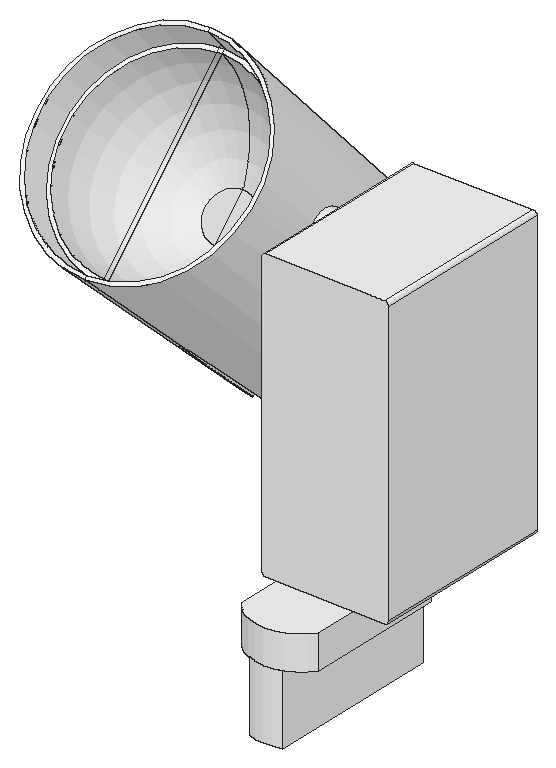
Revit family "0004824 Feilo Sylvania Lighting Fixture START TRACK SPOT S 14W 4K RA80 MB WHITE", category Lighting Fixtures, host Face, Revit 2017 (continued)
Definition of nested family "Start Track Spot Head"
  Types (96, lengths in mm): name | Wattage | built-in parameter 1150134 | Photometric Web File | Model | built-in parameter 1150105 | Lumens | built-in parameter 1150107 | built-in parameter 1150106 | HeadThickness_FEILO | HeadRibOffset_FEILO | HeadRibDepth_FEILO | HeadRibCutWidth_FEILO | HeadRibCutOffset_FEILO | HeadReflectorRadius_FEILO | HeadReflectorOffset_FEILO | HeadLEDRadius_FEILO | HeadHeight_FEILO | HeadDiffusorOffset_FEILO | HeadDiaOut_FEILO | HeadDiaIn_FEILO | HeadAxisFromTop_FEILO | Emit from Circle Diameter | built-in parameter 1150104 | Description | Apparent Load
    0004864 START TRACK SPOT S 24W 3K RA90 WB WHITE | 24 W | (empty or 0) | "0004864.ies" | "START TRACK SPOT S 24W 3K RA90 WB WHITE" | 152.79 (stored number, unit not read) | 1920 lm | 3000 (stored number, unit not read) | 1.5279 (stored number, unit not read) | 1.5 | 4.179 | 55.714 | 7.167 | 50.87 | 50.588 | 55.714 | 9.556 | 117 | 9.435 | 86 | 77.477 | 69.354 | 77.477 | 7.4322 (stored number, unit not read) | "Integrated LED spotlight, Textured White - RAL9016, compact and minimalist design, ideal for retail applications, die-cast aluminium body, passive cooling heatsink. Beam angle: 64°, color temperature: 3000K , total system power: 24W, total fixture output: 1928 lm, LOR: 100%, colour rendering: Ra: 90 typical, LED Chromaticity: 3 step MacAdam ellipse, lifetime: >50000 hours at L70B50, energy class: A++, A+, A, IR/UV free light source without heat radiation, operating voltage: 220-240V / 50-60Hz, drive current: 600mA, electronic driver, non-dimmable, power factor: 0.95, electrical protection: Class II, Global Track 3 Phase adapter suitable for Global trac 3-circuit tracks, ingress protection rating: IP20, suitable for internal environment only, horizontal rotation: 355°, vertical tilt: 90°, dimensions: Ø86x140x200, weight: 0.966kg." | 24 VA
    0004863 START TRACK SPOT S 24W 3K RA90 MB WHITE | 24 W | (empty or 0) | "0004863.ies" | "START TRACK SPOT S 24W 3K RA90 MB WHITE" | 154.7 (stored number, unit not read) | 1944 lm | 3000 (stored number, unit not read) | 1.547 (stored number, unit not read) | 1.5 | 4.179 | 55.714 | 7.167 | 50.87 | 50.588 | 55.714 | 9.556 | 117 | 9.435 | 86 | 77.477 | 69.354 | 77.477 | 7.5251 (stored number, unit not read) | "Integrated LED spotlight, Textured White - RAL9016, compact and minimalist design, ideal for retail applications, die-cast aluminium body, passive cooling heatsink. Beam angle: 36°, color temperature: 3000K , total system power: 24W, total fixture output: 1944 lm, LOR: 100%, colour rendering: Ra: 90 typical, LED Chromaticity: 3 step MacAdam ellipse, lifetime: >50000 hours at L70B50, energy class: A++, A+, A, IR/UV free light source without heat radiation, operating voltage: 220-240V / 50-60Hz, drive current: 600mA, electronic driver, non-dimmable, power factor: 0.95, electrical protection: Class II, Global Track 3 Phase adapter suitable for Global trac 3-circuit tracks, ingress protection rating: IP20, suitable for internal environment only, horizontal rotation: 355°, vertical tilt: 90°, dimensions: Ø86x140x200, weight: 0.966kg." | 24 VA
    0004862 START TRACK SPOT S 24W 3K RA90 NB WHITE | 24 W | (empty or 0) | "0004862.ies" | "START TRACK SPOT S 24W 3K RA90 NB WHITE" | 158.52 (stored number, unit not read) | 1992 lm | 3000 (stored number, unit not read) | 1.5852 (stored number, unit not read) | 1.5 | 4.179 | 55.714 | 7.167 | 50.87 | 50.588 | 55.714 | 9.556 | 117 | 9.435 | 86 | 77.477 | 69.354 | 77.477 | 7.711 (stored number, unit not read) | "Integrated LED spotlight, Textured White - RAL9016, compact and minimalist design, ideal for retail applications, die-cast aluminium body, passive cooling heatsink. Beam angle: 12°, color temperature: 3000K , total system power: 24W, total fixture output: 1987 lm, LOR: 100%, colour rendering: Ra: 90 typical, LED Chromaticity: 3 step MacAdam ellipse, lifetime: >50000 hours at L70B50, energy class: A++, A+, A, IR/UV free light source without heat radiation, operating voltage: 220-240V / 50-60Hz, drive current: 600mA, electronic driver, non-dimmable, power factor: 0.95, electrical protection: Class II, Global Track 3 Phase adapter suitable for Global trac 3-circuit tracks, ingress protection rating: IP20, suitable for internal environment only, horizontal rotation: 355°, vertical tilt: 90°, dimensions: Ø86x140x200, weight: 0.966kg." | 24 VA
    0004861 START TRACK SPOT S 14W 3K RA90 WB WHITE | 14 W | (empty or 0) | "0004861.ies" | "START TRACK SPOT S 14W 3K RA90 WB WHITE" | 100.27 (stored number, unit not read) | 1260 lm | 3000 (stored number, unit not read) | 1.0027 (stored number, unit not read) | 1.5 | 4.179 | 55.714 | 7.167 | 50.87 | 50.588 | 55.714 | 9.556 | 117 | 9.435 | 86 | 77.477 | 69.354 | 77.477 | 8.3613 (stored number, unit not read) | "Integrated LED spotlight, Textured White - RAL9016, compact and minimalist design, ideal for retail applications, die-cast aluminium body, passive cooling heatsink. Beam angle: 64°, color temperature: 3000K , total system power: 14W, total fixture output: 1262 lm, LOR: 100%, colour rendering: Ra: 90 typical, LED Chromaticity: 3 step MacAdam ellipse, lifetime: >50000 hours at L70B50, energy class: A++, A+, A, IR/UV free light source without heat radiation, operating voltage: 220-240V / 50-60Hz, drive current: 350mA, electronic driver, non-dimmable, power factor: 0.92, electrical protection: Class II, Global Track 3 Phase adapter suitable for Global trac 3-circuit tracks, ingress protection rating: IP20, suitable for internal environment only, horizontal rotation: 355°, vertical tilt: 90°, dimensions: Ø86x140x200, weight: 0.940kg." | 14 VA
    0004860 START TRACK SPOT S 14W 3K RA90 MB WHITE | 14 W | (empty or 0) | "0004860.ies" | "START TRACK SPOT S 14W 3K RA90 MB WHITE" | 100.27 (stored number, unit not read) | 1260 lm | 3000 (stored number, unit not read) | 1.0027 (stored number, unit not read) | 1.5 | 4.179 | 55.714 | 7.167 | 50.87 | 50.588 | 55.714 | 9.556 | 117 | 9.435 | 86 | 77.477 | 69.354 | 77.477 | 8.3613 (stored number, unit not read) | "Integrated LED spotlight, Textured White - RAL9016, compact and minimalist design, ideal for retail applications, die-cast aluminium body, passive cooling heatsink. Beam angle: 36°, color temperature: 3000K , total system power: 14W, total fixture output: 1262 lm, LOR: 100%, colour rendering: Ra: 90 typical, LED Chromaticity: 3 step MacAdam ellipse, lifetime: >50000 hours at L70B50, energy class: A++, A+, A, IR/UV free light source without heat radiation, operating voltage: 220-240V / 50-60Hz, drive current: 350mA, electronic driver, non-dimmable, power factor: 0.92, electrical protection: Class II, Global Track 3 Phase adapter suitable for Global trac 3-circuit tracks, ingress protection rating: IP20, suitable for internal environment only, horizontal rotation: 355°, vertical tilt: 90°, dimensions: Ø86x140x200, weight: 0.940kg." | 14 VA
    0004859 START TRACK SPOT S 14W 3K RA90 NB WHITE | 14 W | (empty or 0) | "0004859.ies" | "START TRACK SPOT S 14W 3K RA90 NB WHITE" | 102.5 (stored number, unit not read) | 1288 lm | 3000 (stored number, unit not read) | 1.025 (stored number, unit not read) | 1.5 | 4.179 | 55.714 | 7.167 | 50.87 | 50.588 | 55.714 | 9.556 | 117 | 9.435 | 86 | 77.477 | 69.354 | 77.477 | 8.5471 (stored number, unit not read) | "Integrated LED spotlight, Textured White - RAL9016, compact and minimalist design, ideal for retail applications, die-cast aluminium body, passive cooling heatsink. Beam angle: 12°, color temperature: 3000K , total system power: 14W, total fixture output: 1284 lm, LOR: 100%, colour rendering: Ra: 90 typical, LED Chromaticity: 3 step MacAdam ellipse, lifetime: >50000 hours at L70B50, energy class: A++, A+, A, IR/UV free light source without heat radiation, operating voltage: 220-240V / 50-60Hz, drive current: 350mA, electronic driver, non-dimmable, power factor: 0.92, electrical protection: Class II, Global Track 3 Phase adapter suitable for Global trac 3-circuit tracks, ingress protection rating: IP20, suitable for internal environment only, horizontal rotation: 355°, vertical tilt: 90°, dimensions: Ø86x140x200, weight: 0.940kg." | 14 VA
    0004858 START TRACK SPOT L 55W 4K RA80 WB BLACK | 55 W | 12 | "0004858.ies" | "START TRACK SPOT L 55W 4K RA80 WB BLACK" | 424.55 (stored number, unit not read) | 5335 lm | 4000 (stored number, unit not read) | 4.2455 (stored number, unit not read) | 2 | 4.429 | 59.048 | 9.417 | 53.913 | 66.471 | 59.048 | 12.556 | 124 | 10 | 113 | 101.802 | 73.503 | 101.802 | 9.0116 (stored number, unit not read) | "Integrated LED spotlight, Textured Black - RAL9005, compact and minimalist design, ideal for retail applications, die-cast aluminium body, passive cooling heatsink. Beam angle: 52°, color temperature: 4000K , total system power: 55W, total fixture output: 5320 lm, LOR: 100%, colour rendering: Ra: 80 typical, LED Chromaticity: 3 step MacAdam ellipse, lifetime: >50000 hours at L70B50, energy class: A++, A+, A, IR/UV free light source without heat radiation, operating voltage: 220-240V / 50-60Hz, drive current: 1400mA, electronic driver, non-dimmable, power factor: 0.96, electrical protection: Class II, Global Track 3 Phase adapter suitable for Global trac 3-circuit tracks, ingress protection rating: IP20, suitable for internal environment only, horizontal rotation: 355°, vertical tilt: 90°, dimensions: Ø113x164x240, weight: 1.398kg." | 55 VA
    0004857 START TRACK SPOT L 55W 4K RA80 MB BLACK | 55 W | 12 | "0004857.ies" | "START TRACK SPOT L 55W 4K RA80 MB BLACK" | 428.92 (stored number, unit not read) | 5390 lm | 4000 (stored number, unit not read) | 4.2892 (stored number, unit not read) | 2 | 4.429 | 59.048 | 9.417 | 53.913 | 66.471 | 59.048 | 12.556 | 124 | 10 | 113 | 101.802 | 73.503 | 101.802 | 9.1045 (stored number, unit not read) | "Integrated LED spotlight, Textured Black - RAL9005, compact and minimalist design, ideal for retail applications, die-cast aluminium body, passive cooling heatsink. Beam angle: 38°, color temperature: 4000K , total system power: 55W, total fixture output: 5378 lm, LOR: 100%, colour rendering: Ra: 80 typical, LED Chromaticity: 3 step MacAdam ellipse, lifetime: >50000 hours at L70B50, energy class: A++, A+, A, IR/UV free light source without heat radiation, operating voltage: 220-240V / 50-60Hz, drive current: 1400mA, electronic driver, non-dimmable, power factor: 0.96, electrical protection: Class II, Global Track 3 Phase adapter suitable for Global trac 3-circuit tracks, ingress protection rating: IP20, suitable for internal environment only, horizontal rotation: 355°, vertical tilt: 90°, dimensions: Ø113x164x240, weight: 1.398kg." | 55 VA
    0004856 START TRACK SPOT L 55W 4K RA80 NB BLACK | 55 W | 12 | "0004856.ies" | "START TRACK SPOT L 55W 4K RA80 NB BLACK" | 433.3 (stored number, unit not read) | 5445 lm | 4000 (stored number, unit not read) | 4.333 (stored number, unit not read) | 2 | 4.429 | 59.048 | 9.417 | 53.913 | 66.471 | 59.048 | 12.556 | 124 | 10 | 113 | 101.802 | 73.503 | 101.802 | 9.1974 (stored number, unit not read) | "Integrated LED spotlight, Textured Black - RAL9005, compact and minimalist design, ideal for retail applications, die-cast aluminium body, passive cooling heatsink. Beam angle: 15°, color temperature: 4000K , total system power: 55W, total fixture output: 5426 lm, LOR: 100%, colour rendering: Ra: 80 typical, LED Chromaticity: 3 step MacAdam ellipse, lifetime: >50000 hours at L70B50, energy class: A++, A+, A, IR/UV free light source without heat radiation, operating voltage: 220-240V / 50-60Hz, drive current: 1400mA, electronic driver, non-dimmable, power factor: 0.96, electrical protection: Class II, Global Track 3 Phase adapter suitable for Global trac 3-circuit tracks, ingress protection rating: IP20, suitable for internal environment only, horizontal rotation: 355°, vertical tilt: 90°, dimensions: Ø113x164x240, weight: 1.398kg." | 55 VA
    0004855 START TRACK SPOT L 35W 4K RA80 WB BLACK | 35 W | 12 | "0004855.ies" | "START TRACK SPOT L 35W 4K RA80 WB BLACK" | 320.3 (stored number, unit not read) | 4025 lm | 4000 (stored number, unit not read) | 3.203 (stored number, unit not read) | 2 | 4.429 | 59.048 | 9.417 | 53.913 | 66.471 | 59.048 | 12.556 | 124 | 10 | 113 | 101.802 | 73.503 | 101.802 | 10.684 (stored number, unit not read) | "Integrated LED spotlight, Textured Black - RAL9005, compact and minimalist design, ideal for retail applications, die-cast aluminium body, passive cooling heatsink. Beam angle: 52°, color temperature: 4000K , total system power: 35W, total fixture output: 4010 lm, LOR: 100%, colour rendering: Ra: 80 typical, LED Chromaticity: 3 step MacAdam ellipse, lifetime: >50000 hours at L70B50, energy class: A++, A+, A, IR/UV free light source without heat radiation, operating voltage: 220-240V / 50-60Hz, drive current: 900mA, electronic driver, non-dimmable, power factor: 0.93, electrical protection: Class II, Global Track 3 Phase adapter suitable for Global trac 3-circuit tracks, ingress protection rating: IP20, suitable for internal environment only, horizontal rotation: 355°, vertical tilt: 90°, dimensions: Ø113x164x240, weight: 1.368kg." | 35 VA
    0004854 START TRACK SPOT L 35W 4K RA80 MB BLACK | 35 W | 12 | "0004854.ies" | "START TRACK SPOT L 35W 4K RA80 MB BLACK" | 320.3 (stored number, unit not read) | 4025 lm | 4000 (stored number, unit not read) | 3.203 (stored number, unit not read) | 2 | 4.429 | 59.048 | 9.417 | 53.913 | 66.471 | 59.048 | 12.556 | 124 | 10 | 113 | 101.802 | 73.503 | 101.802 | 10.684 (stored number, unit not read) | "Integrated LED spotlight, Textured Black - RAL9005, compact and minimalist design, ideal for retail applications, die-cast aluminium body, passive cooling heatsink. Beam angle: 38°, color temperature: 4000K , total system power: 35W, total fixture output: 4017 lm, LOR: 100%, colour rendering: Ra: 80 typical, LED Chromaticity: 3 step MacAdam ellipse, lifetime: >50000 hours at L70B50, energy class: A++, A+, A, IR/UV free light source without heat radiation, operating voltage: 220-240V / 50-60Hz, drive current: 900mA, electronic driver, non-dimmable, power factor: 0.93, electrical protection: Class II, Global Track 3 Phase adapter suitable for Global trac 3-circuit tracks, ingress protection rating: IP20, suitable for internal environment only, horizontal rotation: 355°, vertical tilt: 90°, dimensions: Ø113x164x240, weight: 1.368kg." | 35 VA
    0004853 START TRACK SPOT L 35W 4K RA80 NB BLACK | 35 W | 12 | "0004853.ies" | "START TRACK SPOT L 35W 4K RA80 NB BLACK" | 331.44 (stored number, unit not read) | 4165 lm | 4000 (stored number, unit not read) | 3.3144 (stored number, unit not read) | 2 | 4.429 | 59.048 | 9.417 | 53.913 | 66.471 | 59.048 | 12.556 | 124 | 10 | 113 | 101.802 | 73.503 | 101.802 | 11.055 (stored number, unit not read) | "Integrated LED spotlight, Textured Black - RAL9005, compact and minimalist design, ideal for retail applications, die-cast aluminium body, passive cooling heatsink. Beam angle: 15°, color temperature: 4000K , total system power: 35W, total fixture output: 4174 lm, LOR: 100%, colour rendering: Ra: 80 typical, LED Chromaticity: 3 step MacAdam ellipse, lifetime: >50000 hours at L70B50, energy class: A++, A+, A, IR/UV free light source without heat radiation, operating voltage: 220-240V / 50-60Hz, drive current: 900mA, electronic driver, non-dimmable, power factor: 0.93, electrical protection: Class II, Global Track 3 Phase adapter suitable for Global trac 3-circuit tracks, ingress protection rating: IP20, suitable for internal environment only, horizontal rotation: 355°, vertical tilt: 90°, dimensions: Ø113x164x240, weight: 1.368kg." | 35 VA
    0004852 START TRACK SPOT S 24W 4K RA80 WB BLACK | 24 W | 12 | "0004852.ies" | "START TRACK SPOT S 24W 4K RA80 WB BLACK" | 196.72 (stored number, unit not read) | 2472 lm | 4000 (stored number, unit not read) | 1.9672 (stored number, unit not read) | 1.5 | 4.179 | 55.714 | 7.167 | 50.87 | 50.588 | 55.714 | 9.556 | 117 | 9.435 | 86 | 77.477 | 69.354 | 77.477 | 9.569 (stored number, unit not read) | "Integrated LED spotlight, Textured Black - RAL9005, compact and minimalist design, ideal for retail applications, die-cast aluminium body, passive cooling heatsink. Beam angle: 64°, color temperature: 4000K , total system power: 24W, total fixture output: 2476 lm, LOR: 100%, colour rendering: Ra: 80 typical, LED Chromaticity: 3 step MacAdam ellipse, lifetime: >50000 hours at L70B50, energy class: A++, A+, A, IR/UV free light source without heat radiation, operating voltage: 220-240V / 50-60Hz, drive current: 600mA, electronic driver, non-dimmable, power factor: 0.95, electrical protection: Class II, Global Track 3 Phase adapter suitable for Global trac 3-circuit tracks, ingress protection rating: IP20, suitable for internal environment only, horizontal rotation: 355°, vertical tilt: 90°, dimensions: Ø86x140x200, weight: 0.966kg." | 24 VA
    0004851 START TRACK SPOT S 24W 4K RA80 MB BLACK | 24 W | 12 | "0004851.ies" | "START TRACK SPOT S 24W 4K RA80 MB BLACK" | 198.63 (stored number, unit not read) | 2496 lm | 4000 (stored number, unit not read) | 1.9863 (stored number, unit not read) | 1.5 | 4.179 | 55.714 | 7.167 | 50.87 | 50.588 | 55.714 | 9.556 | 117 | 9.435 | 86 | 77.477 | 69.354 | 77.477 | 9.6619 (stored number, unit not read) | "Integrated LED spotlight, Textured Black - RAL9005, compact and minimalist design, ideal for retail applications, die-cast aluminium body, passive cooling heatsink. Beam angle: 36°, color temperature: 4000K , total system power: 24W, total fixture output: 2487 lm, LOR: 100%, colour rendering: Ra: 80 typical, LED Chromaticity: 3 step MacAdam ellipse, lifetime: >50000 hours at L70B50, energy class: A++, A+, A, IR/UV free light source without heat radiation, operating voltage: 220-240V / 50-60Hz, drive current: 600mA, electronic driver, non-dimmable, power factor: 0.95, electrical protection: Class II, Global Track 3 Phase adapter suitable for Global trac 3-circuit tracks, ingress protection rating: IP20, suitable for internal environment only, horizontal rotation: 355°, vertical tilt: 90°, dimensions: Ø86x140x200, weight: 0.966kg." | 24 VA
    0004850 START TRACK SPOT S 24W 4K RA80 NB BLACK | 24 W | 12 | "0004850.ies" | "START TRACK SPOT S 24W 4K RA80 NB BLACK" | 200.54 (stored number, unit not read) | 2520 lm | 4000 (stored number, unit not read) | 2.0054 (stored number, unit not read) | 1.5 | 4.179 | 55.714 | 7.167 | 50.87 | 50.588 | 55.714 | 9.556 | 117 | 9.435 | 86 | 77.477 | 69.354 | 77.477 | 9.7548 (stored number, unit not read) | "Integrated LED spotlight, Textured Black - RAL9005, compact and minimalist design, ideal for retail applications, die-cast aluminium body, passive cooling heatsink. Beam angle: 12°, color temperature: 4000K , total system power: 24W, total fixture output: 2529 lm, LOR: 100%, colour rendering: Ra: 80 typical, LED Chromaticity: 3 step MacAdam ellipse, lifetime: >50000 hours at L70B50, energy class: A++, A+, A, IR/UV free light source without heat radiation, operating voltage: 220-240V / 50-60Hz, drive current: 600mA, electronic driver, non-dimmable, power factor: 0.95, electrical protection: Class II, Global Track 3 Phase adapter suitable for Global trac 3-circuit tracks, ingress protection rating: IP20, suitable for internal environment only, horizontal rotation: 355°, vertical tilt: 90°, dimensions: Ø86x140x200, weight: 0.966kg." | 24 VA
    0004849 START TRACK SPOT S 14W 4K RA80 WB BLACK | 14 W | 12 | "0004849.ies" | "START TRACK SPOT S 14W 4K RA80 WB BLACK" | 123.66 (stored number, unit not read) | 1554 lm | 4000 (stored number, unit not read) | 1.2366 (stored number, unit not read) | 1.5 | 4.179 | 55.714 | 7.167 | 50.87 | 50.588 | 55.714 | 9.556 | 117 | 9.435 | 86 | 77.477 | 69.354 | 77.477 | 10.312 (stored number, unit not read) | "Integrated LED spotlight, Textured Black - RAL9005, compact and minimalist design, ideal for retail applications, die-cast aluminium body, passive cooling heatsink. Beam angle: 64°, color temperature: 4000K , total system power: 14W, total fixture output: 1558 lm, LOR: 100%, colour rendering: Ra: 80 typical, LED Chromaticity: 3 step MacAdam ellipse, lifetime: >50000 hours at L70B50, energy class: A++, A+, A, IR/UV free light source without heat radiation, operating voltage: 220-240V / 50-60Hz, drive current: 350mA, electronic driver, non-dimmable, power factor: 0.92, electrical protection: Class II, Global Track 3 Phase adapter suitable for Global trac 3-circuit tracks, ingress protection rating: IP20, suitable for internal environment only, horizontal rotation: 355°, vertical tilt: 90°, dimensions: Ø86x140x200, weight: 0.940kg." | 14 VA
    0004848 START TRACK SPOT S 14W 4K RA80 MB BLACK | 14 W | 12 | "0004848.ies" | "START TRACK SPOT S 14W 4K RA80 MB BLACK" | 127.01 (stored number, unit not read) | 1596 lm | 4000 (stored number, unit not read) | 1.2701 (stored number, unit not read) | 1.5 | 4.179 | 55.714 | 7.167 | 50.87 | 50.588 | 55.714 | 9.556 | 117 | 9.435 | 86 | 77.477 | 69.354 | 77.477 | 10.591 (stored number, unit not read) | "Integrated LED spotlight, Textured Black - RAL9005, compact and minimalist design, ideal for retail applications, die-cast aluminium body, passive cooling heatsink. Beam angle: 36°, color temperature: 4000K , total system power: 14W, total fixture output: 1598 lm, LOR: 100%, colour rendering: Ra: 80 typical, LED Chromaticity: 3 step MacAdam ellipse, lifetime: >50000 hours at L70B50, energy class: A++, A+, A, IR/UV free light source without heat radiation, operating voltage: 220-240V / 50-60Hz, drive current: 350mA, electronic driver, non-dimmable, power factor: 0.92, electrical protection: Class II, Global Track 3 Phase adapter suitable for Global trac 3-circuit tracks, ingress protection rating: IP20, suitable for internal environment only, horizontal rotation: 355°, vertical tilt: 90°, dimensions: Ø86x140x200, weight: 0.940kg." | 14 VA
    0004847 START TRACK SPOT S 14W 4K RA80 NB BLACK | 14 W | 12 | "0004847.ies" | "START TRACK SPOT S 14W 4K RA80 NB BLACK" | 128.12 (stored number, unit not read) | 1610 lm | 4000 (stored number, unit not read) | 1.2812 (stored number, unit not read) | 1.5 | 4.179 | 55.714 | 7.167 | 50.87 | 50.588 | 55.714 | 9.556 | 117 | 9.435 | 86 | 77.477 | 69.354 | 77.477 | 10.684 (stored number, unit not read) | "Integrated LED spotlight, Textured Black - RAL9005, compact and minimalist design, ideal for retail applications, die-cast aluminium body, passive cooling heatsink. Beam angle: 12°, color temperature: 4000K , total system power: 14W, total fixture output: 1608 lm, LOR: 100%, colour rendering: Ra: 80 typical, LED Chromaticity: 3 step MacAdam ellipse, lifetime: >50000 hours at L70B50, energy class: A++, A+, A, IR/UV free light source without heat radiation, operating voltage: 220-240V / 50-60Hz, drive current: 350mA, electronic driver, non-dimmable, power factor: 0.92, electrical protection: Class II, Global Track 3 Phase adapter suitable for Global trac 3-circuit tracks, ingress protection rating: IP20, suitable for internal environment only, horizontal rotation: 355°, vertical tilt: 90°, dimensions: Ø86x140x200, weight: 0.940kg." | 14 VA
    0004846 START TRACK SPOT L 55W 3K RA80 WB BLACK | 55 W | (empty or 0) | "0004846.ies" | "START TRACK SPOT L 55W 3K RA80 WB BLACK" | 420.17 (stored number, unit not read) | 5280 lm | 3000 (stored number, unit not read) | 4.2017 (stored number, unit not read) | 2 | 4.429 | 59.048 | 9.417 | 53.913 | 66.471 | 59.048 | 12.556 | 124 | 10 | 113 | 101.802 | 73.503 | 101.802 | 8.9187 (stored number, unit not read) | "Integrated LED spotlight, Textured Black - RAL9005, compact and minimalist design, ideal for retail applications, die-cast aluminium body, passive cooling heatsink. Beam angle: 52°, color temperature: 3000K , total system power: 55W, total fixture output: 5298 lm, LOR: 100%, colour rendering: Ra: 80 typical, LED Chromaticity: 3 step MacAdam ellipse, lifetime: >50000 hours at L70B50, energy class: A++, A+, A, IR/UV free light source without heat radiation, operating voltage: 220-240V / 50-60Hz, drive current: 1400mA, electronic driver, non-dimmable, power factor: 0.96, electrical protection: Class II, Global Track 3 Phase adapter suitable for Global trac 3-circuit tracks, ingress protection rating: IP20, suitable for internal environment only, horizontal rotation: 355°, vertical tilt: 90°, dimensions: Ø113x164x240, weight: 1.398kg." | 55 VA
    0004845 START TRACK SPOT L 55W 3K RA80 MB BLACK | 55 W | (empty or 0) | "0004845.ies" | "START TRACK SPOT L 55W 3K RA80 MB BLACK" | 428.92 (stored number, unit not read) | 5390 lm | 3000 (stored number, unit not read) | 4.2892 (stored number, unit not read) | 2 | 4.429 | 59.048 | 9.417 | 53.913 | 66.471 | 59.048 | 12.556 | 124 | 10 | 113 | 101.802 | 73.503 | 101.802 | 9.1045 (stored number, unit not read) | "Integrated LED spotlight, Textured Black - RAL9005, compact and minimalist design, ideal for retail applications, die-cast aluminium body, passive cooling heatsink. Beam angle: 38°, color temperature: 3000K , total system power: 55W, total fixture output: 5381 lm, LOR: 100%, colour rendering: Ra: 80 typical, LED Chromaticity: 3 step MacAdam ellipse, lifetime: >50000 hours at L70B50, energy class: A++, A+, A, IR/UV free light source without heat radiation, operating voltage: 220-240V / 50-60Hz, drive current: 1400mA, electronic driver, non-dimmable, power factor: 0.96, electrical protection: Class II, Global Track 3 Phase adapter suitable for Global trac 3-circuit tracks, ingress protection rating: IP20, suitable for internal environment only, horizontal rotation: 355°, vertical tilt: 90°, dimensions: Ø113x164x240, weight: 1.398kg." | 55 VA
    0004844 START TRACK SPOT L 55W 3K RA80 NB BLACK | 55 W | (empty or 0) | "0004844.ies" | "START TRACK SPOT L 55W 3K RA80 NB BLACK" | 433.3 (stored number, unit not read) | 5445 lm | 3000 (stored number, unit not read) | 4.333 (stored number, unit not read) | 2 | 4.429 | 59.048 | 9.417 | 53.913 | 66.471 | 59.048 | 12.556 | 124 | 10 | 113 | 101.802 | 73.503 | 101.802 | 9.1974 (stored number, unit not read) | "Integrated LED spotlight, Textured Black - RAL9005, compact and minimalist design, ideal for retail applications, die-cast aluminium body, passive cooling heatsink. Beam angle: 15°, color temperature: 3000K , total system power: 55W, total fixture output: 5449 lm, LOR: 100%, colour rendering: Ra: 80 typical, LED Chromaticity: 3 step MacAdam ellipse, lifetime: >50000 hours at L70B50, energy class: A++, A+, A, IR/UV free light source without heat radiation, operating voltage: 220-240V / 50-60Hz, drive current: 1400mA, electronic driver, non-dimmable, power factor: 0.96, electrical protection: Class II, Global Track 3 Phase adapter suitable for Global trac 3-circuit tracks, ingress protection rating: IP20, suitable for internal environment only, horizontal rotation: 355°, vertical tilt: 90°, dimensions: Ø113x164x240, weight: 1.398kg." | 55 VA
    0004843 START TRACK SPOT L 35W 3K RA80 WB BLACK | 35 W | (empty or 0) | "0004843.ies" | "START TRACK SPOT L 35W 3K RA80 WB BLACK" | 314.73 (stored number, unit not read) | 3955 lm | 3000 (stored number, unit not read) | 3.1473 (stored number, unit not read) | 2 | 4.429 | 59.048 | 9.417 | 53.913 | 66.471 | 59.048 | 12.556 | 124 | 10 | 113 | 101.802 | 73.503 | 101.802 | 10.498 (stored number, unit not read) | "Integrated LED spotlight, Textured Black - RAL9005, compact and minimalist design, ideal for retail applications, die-cast aluminium body, passive cooling heatsink. Beam angle: 52°, color temperature: 3000K , total system power: 35W, total fixture output: 3943 lm, LOR: 100%, colour rendering: Ra: 80 typical, LED Chromaticity: 3 step MacAdam ellipse, lifetime: >50000 hours at L70B50, energy class: A++, A+, A, IR/UV free light source without heat radiation, operating voltage: 220-240V / 50-60Hz, drive current: 900mA, electronic driver, non-dimmable, power factor: 0.93, electrical protection: Class II, Global Track 3 Phase adapter suitable for Global trac 3-circuit tracks, ingress protection rating: IP20, suitable for internal environment only, horizontal rotation: 355°, vertical tilt: 90°, dimensions: Ø113x164x240, weight: 1.368kg." | 35 VA
    0004842 START TRACK SPOT L 35W 3K RA80 MB BLACK | 35 W | (empty or 0) | "0004842.ies" | "START TRACK SPOT L 35W 3K RA80 MB BLACK" | 320.3 (stored number, unit not read) | 4025 lm | 3000 (stored number, unit not read) | 3.203 (stored number, unit not read) | 2 | 4.429 | 59.048 | 9.417 | 53.913 | 66.471 | 59.048 | 12.556 | 124 | 10 | 113 | 101.802 | 73.503 | 101.802 | 10.684 (stored number, unit not read) | "Integrated LED spotlight, Textured Black - RAL9005, compact and minimalist design, ideal for retail applications, die-cast aluminium body, passive cooling heatsink. Beam angle: 38°, color temperature: 3000K , total system power: 35W, total fixture output: 4008 lm, LOR: 100%, colour rendering: Ra: 80 typical, LED Chromaticity: 3 step MacAdam ellipse, lifetime: >50000 hours at L70B50, energy class: A++, A+, A, IR/UV free light source without heat radiation, operating voltage: 220-240V / 50-60Hz, drive current: 900mA, electronic driver, non-dimmable, power factor: 0.93, electrical protection: Class II, Global Track 3 Phase adapter suitable for Global trac 3-circuit tracks, ingress protection rating: IP20, suitable for internal environment only, horizontal rotation: 355°, vertical tilt: 90°, dimensions: Ø113x164x240, weight: 1.368kg." | 35 VA
    0004841 START TRACK SPOT L 35W 3K RA80 NB BLACK | 35 W | (empty or 0) | "0004841.ies" | "START TRACK SPOT L 35W 3K RA80 NB BLACK" | 317.51 (stored number, unit not read) | 3990 lm | 3000 (stored number, unit not read) | 3.1751 (stored number, unit not read) | 2 | 4.429 | 59.048 | 9.417 | 53.913 | 66.471 | 59.048 | 12.556 | 124 | 10 | 113 | 101.802 | 73.503 | 101.802 | 10.591 (stored number, unit not read) | "Integrated LED spotlight, Textured Black - RAL9005, compact and minimalist design, ideal for retail applications, die-cast aluminium body, passive cooling heatsink. Beam angle: 15°, color temperature: 3000K , total system power: 35W, total fixture output: 4005 lm, LOR: 100%, colour rendering: Ra: 80 typical, LED Chromaticity: 3 step MacAdam ellipse, lifetime: >50000 hours at L70B50, energy class: A++, A+, A, IR/UV free light source without heat radiation, operating voltage: 220-240V / 50-60Hz, drive current: 900mA, electronic driver, non-dimmable, power factor: 0.93, electrical protection: Class II, Global Track 3 Phase adapter suitable for Global trac 3-circuit tracks, ingress protection rating: IP20, suitable for internal environment only, horizontal rotation: 355°, vertical tilt: 90°, dimensions: Ø113x164x240, weight: 1.368kg." | 35 VA
    0004840 START TRACK SPOT S 24W 3K RA80 WB BLACK | 24 W | (empty or 0) | "0004840.ies" | "START TRACK SPOT S 24W 3K RA80 WB BLACK" | 185.26 (stored number, unit not read) | 2328 lm | 3000 (stored number, unit not read) | 1.8526 (stored number, unit not read) | 1.5 | 4.179 | 55.714 | 7.167 | 50.87 | 50.588 | 55.714 | 9.556 | 117 | 9.435 | 86 | 77.477 | 69.354 | 77.477 | 9.0116 (stored number, unit not read) | "Integrated LED spotlight, Textured Black - RAL9005, compact and minimalist design, ideal for retail applications, die-cast aluminium body, passive cooling heatsink. Beam angle: 64°, color temperature: 3000K , total system power: 24W, total fixture output: 2318 lm, LOR: 100%, colour rendering: Ra: 80 typical, LED Chromaticity: 3 step MacAdam ellipse, lifetime: >50000 hours at L70B50, energy class: A++, A+, A, IR/UV free light source without heat radiation, operating voltage: 220-240V / 50-60Hz, drive current: 600mA, electronic driver, non-dimmable, power factor: 0.95, electrical protection: Class II, Global Track 3 Phase adapter suitable for Global trac 3-circuit tracks, ingress protection rating: IP20, suitable for internal environment only, horizontal rotation: 355°, vertical tilt: 90°, dimensions: Ø86x140x200, weight: 0.966kg." | 24 VA
    0004839 START TRACK SPOT S 24W 3K RA80 MB BLACK | 24 W | (empty or 0) | "0004839.ies" | "START TRACK SPOT S 24W 3K RA80 MB BLACK" | 183.35 (stored number, unit not read) | 2304 lm | 3000 (stored number, unit not read) | 1.8335 (stored number, unit not read) | 1.5 | 4.179 | 55.714 | 7.167 | 50.87 | 50.588 | 55.714 | 9.556 | 117 | 9.435 | 86 | 77.477 | 69.354 | 77.477 | 8.9187 (stored number, unit not read) | "Integrated LED spotlight, Textured Black - RAL9005, compact and minimalist design, ideal for retail applications, die-cast aluminium body, passive cooling heatsink. Beam angle: 36°, color temperature: 3000K , total system power: 24W, total fixture output: 2314 lm, LOR: 100%, colour rendering: Ra: 80 typical, LED Chromaticity: 3 step MacAdam ellipse, lifetime: >50000 hours at L70B50, energy class: A++, A+, A, IR/UV free light source without heat radiation, operating voltage: 220-240V / 50-60Hz, drive current: 600mA, electronic driver, non-dimmable, power factor: 0.95, electrical protection: Class II, Global Track 3 Phase adapter suitable for Global trac 3-circuit tracks, ingress protection rating: IP20, suitable for internal environment only, horizontal rotation: 355°, vertical tilt: 90°, dimensions: Ø86x140x200, weight: 0.966kg." | 24 VA
    0004838 START TRACK SPOT S 24W 3K RA80 NB BLACK | 24 W | (empty or 0) | "0004838.ies" | "START TRACK SPOT S 24W 3K RA80 NB BLACK" | 185.26 (stored number, unit not read) | 2328 lm | 3000 (stored number, unit not read) | 1.8526 (stored number, unit not read) | 1.5 | 4.179 | 55.714 | 7.167 | 50.87 | 50.588 | 55.714 | 9.556 | 117 | 9.435 | 86 | 77.477 | 69.354 | 77.477 | 9.0116 (stored number, unit not read) | "Integrated LED spotlight, Textured Black - RAL9005, compact and minimalist design, ideal for retail applications, die-cast aluminium body, passive cooling heatsink. Beam angle: 12°, color temperature: 3000K , total system power: 24W, total fixture output: 2334 lm, LOR: 100%, colour rendering: Ra: 80 typical, LED Chromaticity: 3 step MacAdam ellipse, lifetime: >50000 hours at L70B50, energy class: A++, A+, A, IR/UV free light source without heat radiation, operating voltage: 220-240V / 50-60Hz, drive current: 600mA, electronic driver, non-dimmable, power factor: 0.95, electrical protection: Class II, Global Track 3 Phase adapter suitable for Global trac 3-circuit tracks, ingress protection rating: IP20, suitable for internal environment only, horizontal rotation: 355°, vertical tilt: 90°, dimensions: Ø86x140x200, weight: 0.966kg." | 24 VA
    0004837 START TRACK SPOT S 14W 3K RA80 WB BLACK | 14 W | (empty or 0) | "0004837.ies" | "START TRACK SPOT S 14W 3K RA80 WB BLACK" | 119.21 (stored number, unit not read) | 1498 lm | 3000 (stored number, unit not read) | 1.1921 (stored number, unit not read) | 1.5 | 4.179 | 55.714 | 7.167 | 50.87 | 50.588 | 55.714 | 9.556 | 117 | 9.435 | 86 | 77.477 | 69.354 | 77.477 | 9.9406 (stored number, unit not read) | "Integrated LED spotlight, Textured Black - RAL9005, compact and minimalist design, ideal for retail applications, die-cast aluminium body, passive cooling heatsink. Beam angle: 64°, color temperature: 3000K , total system power: 14W, total fixture output: 1498 lm, LOR: 100%, colour rendering: Ra: 80 typical, LED Chromaticity: 3 step MacAdam ellipse, lifetime: >50000 hours at L70B50, energy class: A++, A+, A, IR/UV free light source without heat radiation, operating voltage: 220-240V / 50-60Hz, drive current: 350mA, electronic driver, non-dimmable, power factor: 0.92, electrical protection: Class II, Global Track 3 Phase adapter suitable for Global trac 3-circuit tracks, ingress protection rating: IP20, suitable for internal environment only, horizontal rotation: 355°, vertical tilt: 90°, dimensions: Ø86x140x200, weight: 0.940kg." | 14 VA
    0004836 START TRACK SPOT S 14W 3K RA80 MB BLACK | 14 W | (empty or 0) | "0004836.ies" | "START TRACK SPOT S 14W 3K RA80 MB BLACK" | 120.32 (stored number, unit not read) | 1512 lm | 3000 (stored number, unit not read) | 1.2032 (stored number, unit not read) | 1.5 | 4.179 | 55.714 | 7.167 | 50.87 | 50.588 | 55.714 | 9.556 | 117 | 9.435 | 86 | 77.477 | 69.354 | 77.477 | 10.034 (stored number, unit not read) | "Integrated LED spotlight, Textured Black - RAL9005, compact and minimalist design, ideal for retail applications, die-cast aluminium body, passive cooling heatsink. Beam angle: 36°, color temperature: 3000K , total system power: 14W, total fixture output: 1508 lm, LOR: 100%, colour rendering: Ra: 80 typical, LED Chromaticity: 3 step MacAdam ellipse, lifetime: >50000 hours at L70B50, energy class: A++, A+, A, IR/UV free light source without heat radiation, operating voltage: 220-240V / 50-60Hz, drive current: 350mA, electronic driver, non-dimmable, power factor: 0.92, electrical protection: Class II, Global Track 3 Phase adapter suitable for Global trac 3-circuit tracks, ingress protection rating: IP20, suitable for internal environment only, horizontal rotation: 355°, vertical tilt: 90°, dimensions: Ø86x140x200, weight: 0.940kg." | 14 VA
    0004835 START TRACK SPOT S 14W 3K RA80 NB BLACK | 14 W | (empty or 0) | "0004835.ies" | "START TRACK SPOT S 14W 3K RA80 NB BLACK" | 123.66 (stored number, unit not read) | 1554 lm | 3000 (stored number, unit not read) | 1.2366 (stored number, unit not read) | 1.5 | 4.179 | 55.714 | 7.167 | 50.87 | 50.588 | 55.714 | 9.556 | 117 | 9.435 | 86 | 77.477 | 69.354 | 77.477 | 10.312 (stored number, unit not read) | "Integrated LED spotlight, Textured Black - RAL9005, compact and minimalist design, ideal for retail applications, die-cast aluminium body, passive cooling heatsink. Beam angle: 12°, color temperature: 3000K , total system power: 14W, total fixture output: 1551 lm, LOR: 100%, colour rendering: Ra: 80 typical, LED Chromaticity: 3 step MacAdam ellipse, lifetime: >50000 hours at L70B50, energy class: A++, A+, A, IR/UV free light source without heat radiation, operating voltage: 220-240V / 50-60Hz, drive current: 350mA, electronic driver, non-dimmable, power factor: 0.92, electrical protection: Class II, Global Track 3 Phase adapter suitable for Global trac 3-circuit tracks, ingress protection rating: IP20, suitable for internal environment only, horizontal rotation: 355°, vertical tilt: 90°, dimensions: Ø86x140x200, weight: 0.940kg." | 14 VA
    0004834 START TRACK SPOT L 55W 4K RA80 WB WHITE | 55 W | 12 | "0004834.ies" | "START TRACK SPOT L 55W 4K RA80 WB WHITE" | 424.55 (stored number, unit not read) | 5335 lm | 4000 (stored number, unit not read) | 4.2455 (stored number, unit not read) | 2 | 4.429 | 59.048 | 9.417 | 53.913 | 66.471 | 59.048 | 12.556 | 124 | 10 | 113 | 101.802 | 73.503 | 101.802 | 9.0116 (stored number, unit not read) | "Integrated LED spotlight, Textured White - RAL9016, compact and minimalist design, ideal for retail applications, die-cast aluminium body, passive cooling heatsink. Beam angle: 52°, color temperature: 4000K , total system power: 55W, total fixture output: 5320 lm, LOR: 100%, colour rendering: Ra: 80 typical, LED Chromaticity: 3 step MacAdam ellipse, lifetime: >50000 hours at L70B50, energy class: A++, A+, A, IR/UV free light source without heat radiation, operating voltage: 220-240V / 50-60Hz, drive current: 1400mA, electronic driver, non-dimmable, power factor: 0.96, electrical protection: Class II, Global Track 3 Phase adapter suitable for Global trac 3-circuit tracks, ingress protection rating: IP20, suitable for internal environment only, horizontal rotation: 355°, vertical tilt: 90°, dimensions: Ø113x164x240, weight: 1.398kg." | 55 VA
    0004833 START TRACK SPOT L 55W 4K RA80 MB WHITE | 55 W | 12 | "0004833.ies" | "START TRACK SPOT L 55W 4K RA80 MB WHITE" | 428.92 (stored number, unit not read) | 5390 lm | 4000 (stored number, unit not read) | 4.2892 (stored number, unit not read) | 2 | 4.429 | 59.048 | 9.417 | 53.913 | 66.471 | 59.048 | 12.556 | 124 | 10 | 113 | 101.802 | 73.503 | 101.802 | 9.1045 (stored number, unit not read) | "Integrated LED spotlight, Textured White - RAL9016, compact and minimalist design, ideal for retail applications, die-cast aluminium body, passive cooling heatsink. Beam angle: 38°, color temperature: 4000K , total system power: 55W, total fixture output: 5378 lm, LOR: 100%, colour rendering: Ra: 80 typical, LED Chromaticity: 3 step MacAdam ellipse, lifetime: >50000 hours at L70B50, energy class: A++, A+, A, IR/UV free light source without heat radiation, operating voltage: 220-240V / 50-60Hz, drive current: 1400mA, electronic driver, non-dimmable, power factor: 0.96, electrical protection: Class II, Global Track 3 Phase adapter suitable for Global trac 3-circuit tracks, ingress protection rating: IP20, suitable for internal environment only, horizontal rotation: 355°, vertical tilt: 90°, dimensions: Ø113x164x240, weight: 1.398kg." | 55 VA
    0004832 START TRACK SPOT L 55W 4K RA80 NB WHITE | 55 W | 12 | "0004832.ies" | "START TRACK SPOT L 55W 4K RA80 NB WHITE" | 433.3 (stored number, unit not read) | 5445 lm | 4000 (stored number, unit not read) | 4.333 (stored number, unit not read) | 2 | 4.429 | 59.048 | 9.417 | 53.913 | 66.471 | 59.048 | 12.556 | 124 | 10 | 113 | 101.802 | 73.503 | 101.802 | 9.1974 (stored number, unit not read) | "Integrated LED spotlight, Textured White - RAL9016, compact and minimalist design, ideal for retail applications, die-cast aluminium body, passive cooling heatsink. Beam angle: 15°, color temperature: 4000K , total system power: 55W, total fixture output: 5426 lm, LOR: 100%, colour rendering: Ra: 80 typical, LED Chromaticity: 3 step MacAdam ellipse, lifetime: >50000 hours at L70B50, energy class: A++, A+, A, IR/UV free light source without heat radiation, operating voltage: 220-240V / 50-60Hz, drive current: 1400mA, electronic driver, non-dimmable, power factor: 0.96, electrical protection: Class II, Global Track 3 Phase adapter suitable for Global trac 3-circuit tracks, ingress protection rating: IP20, suitable for internal environment only, horizontal rotation: 355°, vertical tilt: 90°, dimensions: Ø113x164x240, weight: 1.398kg." | 55 VA
    0004831 START TRACK SPOT L 35W 4K RA80 WB WHITE | 35 W | 12 | "0004831.ies" | "START TRACK SPOT L 35W 4K RA80 WB WHITE" | 320.3 (stored number, unit not read) | 4025 lm | 4000 (stored number, unit not read) | 3.203 (stored number, unit not read) | 2 | 4.429 | 59.048 | 9.417 | 53.913 | 66.471 | 59.048 | 12.556 | 124 | 10 | 113 | 101.802 | 73.503 | 101.802 | 10.684 (stored number, unit not read) | "Integrated LED spotlight, Textured White - RAL9016, compact and minimalist design, ideal for retail applications, die-cast aluminium body, passive cooling heatsink. Beam angle: 52°, color temperature: 4000K , total system power: 35W, total fixture output: 4010 lm, LOR: 100%, colour rendering: Ra: 80 typical, LED Chromaticity: 3 step MacAdam ellipse, lifetime: >50000 hours at L70B50, energy class: A++, A+, A, IR/UV free light source without heat radiation, operating voltage: 220-240V / 50-60Hz, drive current: 900mA, electronic driver, non-dimmable, power factor: 0.93, electrical protection: Class II, Global Track 3 Phase adapter suitable for Global trac 3-circuit tracks, ingress protection rating: IP20, suitable for internal environment only, horizontal rotation: 355°, vertical tilt: 90°, dimensions: Ø113x164x240, weight: 1.368kg." | 35 VA
    0004830 START TRACK SPOT L 35W 4K RA80 MB WHITE | 35 W | 12 | "0004830.ies" | "START TRACK SPOT L 35W 4K RA80 MB WHITE" | 320.3 (stored number, unit not read) | 4025 lm | 4000 (stored number, unit not read) | 3.203 (stored number, unit not read) | 2 | 4.429 | 59.048 | 9.417 | 53.913 | 66.471 | 59.048 | 12.556 | 124 | 10 | 113 | 101.802 | 73.503 | 101.802 | 10.684 (stored number, unit not read) | "Integrated LED spotlight, Textured White - RAL9016, compact and minimalist design, ideal for retail applications, die-cast aluminium body, passive cooling heatsink. Beam angle: 38°, color temperature: 4000K , total system power: 35W, total fixture output: 4017 lm, LOR: 100%, colour rendering: Ra: 80 typical, LED Chromaticity: 3 step MacAdam ellipse, lifetime: >50000 hours at L70B50, energy class: A++, A+, A, IR/UV free light source without heat radiation, operating voltage: 220-240V / 50-60Hz, drive current: 900mA, electronic driver, non-dimmable, power factor: 0.93, electrical protection: Class II, Global Track 3 Phase adapter suitable for Global trac 3-circuit tracks, ingress protection rating: IP20, suitable for internal environment only, horizontal rotation: 355°, vertical tilt: 90°, dimensions: Ø113x164x240, weight: 1.368kg." | 35 VA
    0004829 START TRACK SPOT L 35W 4K RA80 NB WHITE | 35 W | 12 | "0004829.ies" | "START TRACK SPOT L 35W 4K RA80 NB WHITE" | 331.44 (stored number, unit not read) | 4165 lm | 4000 (stored number, unit not read) | 3.3144 (stored number, unit not read) | 2 | 4.429 | 59.048 | 9.417 | 53.913 | 66.471 | 59.048 | 12.556 | 124 | 10 | 113 | 101.802 | 73.503 | 101.802 | 11.055 (stored number, unit not read) | "Integrated LED spotlight, Textured White - RAL9016, compact and minimalist design, ideal for retail applications, die-cast aluminium body, passive cooling heatsink. Beam angle: 15°, color temperature: 4000K , total system power: 35W, total fixture output: 4174 lm, LOR: 100%, colour rendering: Ra: 80 typical, LED Chromaticity: 3 step MacAdam ellipse, lifetime: >50000 hours at L70B50, energy class: A++, A+, A, IR/UV free light source without heat radiation, operating voltage: 220-240V / 50-60Hz, drive current: 900mA, electronic driver, non-dimmable, power factor: 0.93, electrical protection: Class II, Global Track 3 Phase adapter suitable for Global trac 3-circuit tracks, ingress protection rating: IP20, suitable for internal environment only, horizontal rotation: 355°, vertical tilt: 90°, dimensions: Ø113x164x240, weight: 1.368kg." | 35 VA
    0004828 START TRACK SPOT S 24W 4K RA80 WB WHITE | 24 W | 12 | "0004828.ies" | "START TRACK SPOT S 24W 4K RA80 WB WHITE" | 196.72 (stored number, unit not read) | 2472 lm | 4000 (stored number, unit not read) | 1.9672 (stored number, unit not read) | 1.5 | 4.179 | 55.714 | 7.167 | 50.87 | 50.588 | 55.714 | 9.556 | 117 | 9.435 | 86 | 77.477 | 69.354 | 77.477 | 9.569 (stored number, unit not read) | "Integrated LED spotlight, Textured White - RAL9016, compact and minimalist design, ideal for retail applications, die-cast aluminium body, passive cooling heatsink. Beam angle: 64°, color temperature: 4000K , total system power: 24W, total fixture output: 2476 lm, LOR: 100%, colour rendering: Ra: 80 typical, LED Chromaticity: 3 step MacAdam ellipse, lifetime: >50000 hours at L70B50, energy class: A++, A+, A, IR/UV free light source without heat radiation, operating voltage: 220-240V / 50-60Hz, drive current: 600mA, electronic driver, non-dimmable, power factor: 0.95, electrical protection: Class II, Global Track 3 Phase adapter suitable for Global trac 3-circuit tracks, ingress protection rating: IP20, suitable for internal environment only, horizontal rotation: 355°, vertical tilt: 90°, dimensions: Ø86x140x200, weight: 0.966kg." | 24 VA
    0004827 START TRACK SPOT S 24W 4K RA80 MB WHITE | 24 W | 12 | "0004827.ies" | "START TRACK SPOT S 24W 4K RA80 MB WHITE" | 198.63 (stored number, unit not read) | 2496 lm | 4000 (stored number, unit not read) | 1.9863 (stored number, unit not read) | 1.5 | 4.179 | 55.714 | 7.167 | 50.87 | 50.588 | 55.714 | 9.556 | 117 | 9.435 | 86 | 77.477 | 69.354 | 77.477 | 9.6619 (stored number, unit not read) | "Integrated LED spotlight, Textured White - RAL9016, compact and minimalist design, ideal for retail applications, die-cast aluminium body, passive cooling heatsink. Beam angle: 36°, color temperature: 4000K , total system power: 24W, total fixture output: 2487 lm, LOR: 100%, colour rendering: Ra: 80 typical, LED Chromaticity: 3 step MacAdam ellipse, lifetime: >50000 hours at L70B50, energy class: A++, A+, A, IR/UV free light source without heat radiation, operating voltage: 220-240V / 50-60Hz, drive current: 600mA, electronic driver, non-dimmable, power factor: 0.95, electrical protection: Class II, Global Track 3 Phase adapter suitable for Global trac 3-circuit tracks, ingress protection rating: IP20, suitable for internal environment only, horizontal rotation: 355°, vertical tilt: 90°, dimensions: Ø86x140x200, weight: 0.966kg." | 24 VA
    0004826 START TRACK SPOT S 24W 4K RA80 NB WHITE | 24 W | 12 | "0004826.ies" | "START TRACK SPOT S 24W 4K RA80 NB WHITE" | 200.54 (stored number, unit not read) | 2520 lm | 4000 (stored number, unit not read) | 2.0054 (stored number, unit not read) | 1.5 | 4.179 | 55.714 | 7.167 | 50.87 | 50.588 | 55.714 | 9.556 | 117 | 9.435 | 86 | 77.477 | 69.354 | 77.477 | 9.7548 (stored number, unit not read) | "Integrated LED spotlight, Textured White - RAL9016, compact and minimalist design, ideal for retail applications, die-cast aluminium body, passive cooling heatsink. Beam angle: 12°, color temperature: 4000K , total system power: 24W, total fixture output: 2529 lm, LOR: 100%, colour rendering: Ra: 80 typical, LED Chromaticity: 3 step MacAdam ellipse, lifetime: >50000 hours at L70B50, energy class: A++, A+, A, IR/UV free light source without heat radiation, operating voltage: 220-240V / 50-60Hz, drive current: 600mA, electronic driver, non-dimmable, power factor: 0.95, electrical protection: Class II, Global Track 3 Phase adapter suitable for Global trac 3-circuit tracks, ingress protection rating: IP20, suitable for internal environment only, horizontal rotation: 355°, vertical tilt: 90°, dimensions: Ø86x140x200, weight: 0.966kg." | 24 VA
    0004825 START TRACK SPOT S 14W 4K RA80 WB WHITE | 14 W | 12 | "0004825.ies" | "START TRACK SPOT S 14W 4K RA80 WB WHITE" | 123.66 (stored number, unit not read) | 1554 lm | 4000 (stored number, unit not read) | 1.2366 (stored number, unit not read) | 1.5 | 4.179 | 55.714 | 7.167 | 50.87 | 50.588 | 55.714 | 9.556 | 117 | 9.435 | 86 | 77.477 | 69.354 | 77.477 | 10.312 (stored number, unit not read) | "Integrated LED spotlight, Textured White - RAL9016, compact and minimalist design, ideal for retail applications, die-cast aluminium body, passive cooling heatsink. Beam angle: 64°, color temperature: 4000K , total system power: 14W, total fixture output: 1558 lm, LOR: 100%, colour rendering: Ra: 80 typical, LED Chromaticity: 3 step MacAdam ellipse, lifetime: >50000 hours at L70B50, energy class: A++, A+, A, IR/UV free light source without heat radiation, operating voltage: 220-240V / 50-60Hz, drive current: 350mA, electronic driver, non-dimmable, power factor: 0.92, electrical protection: Class II, Global Track 3 Phase adapter suitable for Global trac 3-circuit tracks, ingress protection rating: IP20, suitable for internal environment only, horizontal rotation: 355°, vertical tilt: 90°, dimensions: Ø86x140x200, weight: 0.940kg." | 14 VA
    0004824 START TRACK SPOT S 14W 4K RA80 MB WHITE | 14 W | 12 | "0004824.ies" | "START TRACK SPOT S 14W 4K RA80 MB WHITE" | 127.01 (stored number, unit not read) | 1596 lm | 4000 (stored number, unit not read) | 1.2701 (stored number, unit not read) | 1.5 | 4.179 | 55.714 | 7.167 | 50.87 | 50.588 | 55.714 | 9.556 | 117 | 9.435 | 86 | 77.477 | 69.354 | 77.477 | 10.591 (stored number, unit not read) | "Integrated LED spotlight, Textured White - RAL9016, compact and minimalist design, ideal for retail applications, die-cast aluminium body, passive cooling heatsink. Beam angle: 36°, color temperature: 4000K , total system power: 14W, total fixture output: 1598 lm, LOR: 100%, colour rendering: Ra: 80 typical, LED Chromaticity: 3 step MacAdam ellipse, lifetime: >50000 hours at L70B50, energy class: A++, A+, A, IR/UV free light source without heat radiation, operating voltage: 220-240V / 50-60Hz, drive current: 350mA, electronic driver, non-dimmable, power factor: 0.92, electrical protection: Class II, Global Track 3 Phase adapter suitable for Global trac 3-circuit tracks, ingress protection rating: IP20, suitable for internal environment only, horizontal rotation: 355°, vertical tilt: 90°, dimensions: Ø86x140x200, weight: 0.940kg." | 14 VA
    0004823 START TRACK SPOT S 14W 4K RA80 NB WHITE | 14 W | 12 | "0004823.ies" | "START TRACK SPOT S 14W 4K RA80 NB WHITE" | 128.12 (stored number, unit not read) | 1610 lm | 4000 (stored number, unit not read) | 1.2812 (stored number, unit not read) | 1.5 | 4.179 | 55.714 | 7.167 | 50.87 | 50.588 | 55.714 | 9.556 | 117 | 9.435 | 86 | 77.477 | 69.354 | 77.477 | 10.684 (stored number, unit not read) | "Integrated LED spotlight, Textured White - RAL9016, compact and minimalist design, ideal for retail applications, die-cast aluminium body, passive cooling heatsink. Beam angle: 12°, color temperature: 4000K , total system power: 14W, total fixture output: 1608 lm, LOR: 100%, colour rendering: Ra: 80 typical, LED Chromaticity: 3 step MacAdam ellipse, lifetime: >50000 hours at L70B50, energy class: A++, A+, A, IR/UV free light source without heat radiation, operating voltage: 220-240V / 50-60Hz, drive current: 350mA, electronic driver, non-dimmable, power factor: 0.92, electrical protection: Class II, Global Track 3 Phase adapter suitable for Global trac 3-circuit tracks, ingress protection rating: IP20, suitable for internal environment only, horizontal rotation: 355°, vertical tilt: 90°, dimensions: Ø86x140x200, weight: 0.940kg." | 14 VA
    0004822 START TRACK SPOT L 55W 3K RA80 WB WHITE | 55 W | (empty or 0) | "0004822.ies" | "START TRACK SPOT L 55W 3K RA80 WB WHITE" | 420.17 (stored number, unit not read) | 5280 lm | 3000 (stored number, unit not read) | 4.2017 (stored number, unit not read) | 2 | 4.429 | 59.048 | 9.417 | 53.913 | 66.471 | 59.048 | 12.556 | 124 | 10 | 113 | 101.802 | 73.503 | 101.802 | 8.9187 (stored number, unit not read) | "Integrated LED spotlight, Textured White - RAL9016, compact and minimalist design, ideal for retail applications, die-cast aluminium body, passive cooling heatsink. Beam angle: 52°, color temperature: 3000K , total system power: 55W, total fixture output: 5298 lm, LOR: 100%, colour rendering: Ra: 80 typical, LED Chromaticity: 3 step MacAdam ellipse, lifetime: >50000 hours at L70B50, energy class: A++, A+, A, IR/UV free light source without heat radiation, operating voltage: 220-240V / 50-60Hz, drive current: 1400mA, electronic driver, non-dimmable, power factor: 0.96, electrical protection: Class II, Global Track 3 Phase adapter suitable for Global trac 3-circuit tracks, ingress protection rating: IP20, suitable for internal environment only, horizontal rotation: 355°, vertical tilt: 90°, dimensions: Ø113x164x240, weight: 1.398kg." | 55 VA
    0004821 START TRACK SPOT L 55W 3K RA80 MB WHITE | 55 W | (empty or 0) | "0004821.ies" | "START TRACK SPOT L 55W 3K RA80 MB WHITE" | 428.92 (stored number, unit not read) | 5390 lm | 3000 (stored number, unit not read) | 4.2892 (stored number, unit not read) | 2 | 4.429 | 59.048 | 9.417 | 53.913 | 66.471 | 59.048 | 12.556 | 124 | 10 | 113 | 101.802 | 73.503 | 101.802 | 9.1045 (stored number, unit not read) | "Integrated LED spotlight, Textured White - RAL9016, compact and minimalist design, ideal for retail applications, die-cast aluminium body, passive cooling heatsink. Beam angle: 38°, color temperature: 3000K , total system power: 55W, total fixture output: 5381 lm, LOR: 100%, colour rendering: Ra: 80 typical, LED Chromaticity: 3 step MacAdam ellipse, lifetime: >50000 hours at L70B50, energy class: A++, A+, A, IR/UV free light source without heat radiation, operating voltage: 220-240V / 50-60Hz, drive current: 1400mA, electronic driver, non-dimmable, power factor: 0.96, electrical protection: Class II, Global Track 3 Phase adapter suitable for Global trac 3-circuit tracks, ingress protection rating: IP20, suitable for internal environment only, horizontal rotation: 355°, vertical tilt: 90°, dimensions: Ø113x164x240, weight: 1.398kg." | 55 VA
    0004820 START TRACK SPOT L 55W 3K RA80 NB WHITE | 55 W | (empty or 0) | "0004820.ies" | "START TRACK SPOT L 55W 3K RA80 NB WHITE" | 433.3 (stored number, unit not read) | 5445 lm | 3000 (stored number, unit not read) | 4.333 (stored number, unit not read) | 2 | 4.429 | 59.048 | 9.417 | 53.913 | 66.471 | 59.048 | 12.556 | 124 | 10 | 113 | 101.802 | 73.503 | 101.802 | 9.1974 (stored number, unit not read) | "Integrated LED spotlight, Textured White - RAL9016, compact and minimalist design, ideal for retail applications, die-cast aluminium body, passive cooling heatsink. Beam angle: 15°, color temperature: 3000K , total system power: 55W, total fixture output: 5449 lm, LOR: 100%, colour rendering: Ra: 80 typical, LED Chromaticity: 3 step MacAdam ellipse, lifetime: >50000 hours at L70B50, energy class: A++, A+, A, IR/UV free light source without heat radiation, operating voltage: 220-240V / 50-60Hz, drive current: 1400mA, electronic driver, non-dimmable, power factor: 0.96, electrical protection: Class II, Global Track 3 Phase adapter suitable for Global trac 3-circuit tracks, ingress protection rating: IP20, suitable for internal environment only, horizontal rotation: 355°, vertical tilt: 90°, dimensions: Ø113x164x240, weight: 1.398kg." | 55 VA
    0004819 START TRACK SPOT L 35W 3K RA80 WB WHITE | 35 W | (empty or 0) | "0004819.ies" | "START TRACK SPOT L 35W 3K RA80 WB WHITE" | 314.73 (stored number, unit not read) | 3955 lm | 3000 (stored number, unit not read) | 3.1473 (stored number, unit not read) | 2 | 4.429 | 59.048 | 9.417 | 53.913 | 66.471 | 59.048 | 12.556 | 124 | 10 | 113 | 101.802 | 73.503 | 101.802 | 10.498 (stored number, unit not read) | "Integrated LED spotlight, Textured White - RAL9016, compact and minimalist design, ideal for retail applications, die-cast aluminium body, passive cooling heatsink. Beam angle: 52°, color temperature: 3000K , total system power: 35W, total fixture output: 3943 lm, LOR: 100%, colour rendering: Ra: 80 typical, LED Chromaticity: 3 step MacAdam ellipse, lifetime: >50000 hours at L70B50, energy class: A++, A+, A, IR/UV free light source without heat radiation, operating voltage: 220-240V / 50-60Hz, drive current: 900mA, electronic driver, non-dimmable, power factor: 0.93, electrical protection: Class II, Global Track 3 Phase adapter suitable for Global trac 3-circuit tracks, ingress protection rating: IP20, suitable for internal environment only, horizontal rotation: 355°, vertical tilt: 90°, dimensions: Ø113x164x240, weight: 1.368kg." | 35 VA
    0004818 START TRACK SPOT L 35W 3K RA80 MB WHITE | 35 W | (empty or 0) | "0004818.ies" | "START TRACK SPOT L 35W 3K RA80 MB WHITE" | 320.3 (stored number, unit not read) | 4025 lm | 3000 (stored number, unit not read) | 3.203 (stored number, unit not read) | 2 | 4.429 | 59.048 | 9.417 | 53.913 | 66.471 | 59.048 | 12.556 | 124 | 10 | 113 | 101.802 | 73.503 | 101.802 | 10.684 (stored number, unit not read) | "Integrated LED spotlight, Textured White - RAL9016, compact and minimalist design, ideal for retail applications, die-cast aluminium body, passive cooling heatsink. Beam angle: 38°, color temperature: 3000K , total system power: 35W, total fixture output: 4008 lm, LOR: 100%, colour rendering: Ra: 80 typical, LED Chromaticity: 3 step MacAdam ellipse, lifetime: >50000 hours at L70B50, energy class: A++, A+, A, IR/UV free light source without heat radiation, operating voltage: 220-240V / 50-60Hz, drive current: 900mA, electronic driver, non-dimmable, power factor: 0.93, electrical protection: Class II, Global Track 3 Phase adapter suitable for Global trac 3-circuit tracks, ingress protection rating: IP20, suitable for internal environment only, horizontal rotation: 355°, vertical tilt: 90°, dimensions: Ø113x164x240, weight: 1.368kg." | 35 VA
    0004817 START TRACK SPOT L 35W 3K RA80 NB WHITE | 35 W | (empty or 0) | "0004817.ies" | "START TRACK SPOT L 35W 3K RA80 NB WHITE" | 317.51 (stored number, unit not read) | 3990 lm | 3000 (stored number, unit not read) | 3.1751 (stored number, unit not read) | 2 | 4.429 | 59.048 | 9.417 | 53.913 | 66.471 | 59.048 | 12.556 | 124 | 10 | 113 | 101.802 | 73.503 | 101.802 | 10.591 (stored number, unit not read) | "Integrated LED spotlight, Textured White - RAL9016, compact and minimalist design, ideal for retail applications, die-cast aluminium body, passive cooling heatsink. Beam angle: 15°, color temperature: 3000K , total system power: 35W, total fixture output: 4005 lm, LOR: 100%, colour rendering: Ra: 80 typical, LED Chromaticity: 3 step MacAdam ellipse, lifetime: >50000 hours at L70B50, energy class: A++, A+, A, IR/UV free light source without heat radiation, operating voltage: 220-240V / 50-60Hz, drive current: 900mA, electronic driver, non-dimmable, power factor: 0.93, electrical protection: Class II, Global Track 3 Phase adapter suitable for Global trac 3-circuit tracks, ingress protection rating: IP20, suitable for internal environment only, horizontal rotation: 355°, vertical tilt: 90°, dimensions: Ø113x164x240, weight: 1.368kg." | 35 VA
    0004816 START TRACK SPOT S 24W 3K RA80 WB WHITE | 24 W | (empty or 0) | "0004816.ies" | "START TRACK SPOT S 24W 3K RA80 WB WHITE" | 185.26 (stored number, unit not read) | 2328 lm | 3000 (stored number, unit not read) | 1.8526 (stored number, unit not read) | 1.5 | 4.179 | 55.714 | 7.167 | 50.87 | 50.588 | 55.714 | 9.556 | 117 | 9.435 | 86 | 77.477 | 69.354 | 77.477 | 9.0116 (stored number, unit not read) | "Integrated LED spotlight, Textured White - RAL9016, compact and minimalist design, ideal for retail applications, die-cast aluminium body, passive cooling heatsink. Beam angle: 64°, color temperature: 3000K , total system power: 24W, total fixture output: 2318 lm, LOR: 100%, colour rendering: Ra: 80 typical, LED Chromaticity: 3 step MacAdam ellipse, lifetime: >50000 hours at L70B50, energy class: A++, A+, A, IR/UV free light source without heat radiation, operating voltage: 220-240V / 50-60Hz, drive current: 600mA, electronic driver, non-dimmable, power factor: 0.95, electrical protection: Class II, Global Track 3 Phase adapter suitable for Global trac 3-circuit tracks, ingress protection rating: IP20, suitable for internal environment only, horizontal rotation: 355°, vertical tilt: 90°, dimensions: Ø86x140x200, weight: 0.966kg." | 24 VA
    0004815 START TRACK SPOT S 24W 3K RA80 MB WHITE | 24 W | (empty or 0) | "0004815.ies" | "START TRACK SPOT S 24W 3K RA80 MB WHITE" | 183.35 (stored number, unit not read) | 2304 lm | 3000 (stored number, unit not read) | 1.8335 (stored number, unit not read) | 1.5 | 4.179 | 55.714 | 7.167 | 50.87 | 50.588 | 55.714 | 9.556 | 117 | 9.435 | 86 | 77.477 | 69.354 | 77.477 | 8.9187 (stored number, unit not read) | "Integrated LED spotlight, Textured White - RAL9016, compact and minimalist design, ideal for retail applications, die-cast aluminium body, passive cooling heatsink. Beam angle: 36°, color temperature: 3000K , total system power: 24W, total fixture output: 2314 lm, LOR: 100%, colour rendering: Ra: 80 typical, LED Chromaticity: 3 step MacAdam ellipse, lifetime: >50000 hours at L70B50, energy class: A++, A+, A, IR/UV free light source without heat radiation, operating voltage: 220-240V / 50-60Hz, drive current: 600mA, electronic driver, non-dimmable, power factor: 0.95, electrical protection: Class II, Global Track 3 Phase adapter suitable for Global trac 3-circuit tracks, ingress protection rating: IP20, suitable for internal environment only, horizontal rotation: 355°, vertical tilt: 90°, dimensions: Ø86x140x200, weight: 0.966kg." | 24 VA
    0004814 START TRACK SPOT S 24W 3K RA80 NB WHITE | 24 W | (empty or 0) | "0004814.ies" | "START TRACK SPOT S 24W 3K RA80 NB WHITE" | 185.26 (stored number, unit not read) | 2328 lm | 3000 (stored number, unit not read) | 1.8526 (stored number, unit not read) | 1.5 | 4.179 | 55.714 | 7.167 | 50.87 | 50.588 | 55.714 | 9.556 | 117 | 9.435 | 86 | 77.477 | 69.354 | 77.477 | 9.0116 (stored number, unit not read) | "Integrated LED spotlight, Textured White - RAL9016, compact and minimalist design, ideal for retail applications, die-cast aluminium body, passive cooling heatsink. Beam angle: 12°, color temperature: 3000K , total system power: 24W, total fixture output: 2334 lm, LOR: 100%, colour rendering: Ra: 80 typical, LED Chromaticity: 3 step MacAdam ellipse, lifetime: >50000 hours at L70B50, energy class: A++, A+, A, IR/UV free light source without heat radiation, operating voltage: 220-240V / 50-60Hz, drive current: 600mA, electronic driver, non-dimmable, power factor: 0.95, electrical protection: Class II, Global Track 3 Phase adapter suitable for Global trac 3-circuit tracks, ingress protection rating: IP20, suitable for internal environment only, horizontal rotation: 355°, vertical tilt: 90°, dimensions: Ø86x140x200, weight: 0.966kg." | 24 VA
    0004813 START TRACK SPOT S 14W 3K RA80 WB WHITE | 14 W | (empty or 0) | "0004813.ies" | "START TRACK SPOT S 14W 3K RA80 WB WHITE" | 119.21 (stored number, unit not read) | 1498 lm | 3000 (stored number, unit not read) | 1.1921 (stored number, unit not read) | 1.5 | 4.179 | 55.714 | 7.167 | 50.87 | 50.588 | 55.714 | 9.556 | 117 | 9.435 | 86 | 77.477 | 69.354 | 77.477 | 9.9406 (stored number, unit not read) | "Integrated LED spotlight, Textured White - RAL9016, compact and minimalist design, ideal for retail applications, die-cast aluminium body, passive cooling heatsink. Beam angle: 64°, color temperature: 3000K , total system power: 14W, total fixture output: 1498 lm, LOR: 100%, colour rendering: Ra: 80 typical, LED Chromaticity: 3 step MacAdam ellipse, lifetime: >50000 hours at L70B50, energy class: A++, A+, A, IR/UV free light source without heat radiation, operating voltage: 220-240V / 50-60Hz, drive current: 350mA, electronic driver, non-dimmable, power factor: 0.92, electrical protection: Class II, Global Track 3 Phase adapter suitable for Global trac 3-circuit tracks, ingress protection rating: IP20, suitable for internal environment only, horizontal rotation: 355°, vertical tilt: 90°, dimensions: Ø86x140x200, weight: 0.940kg." | 14 VA
